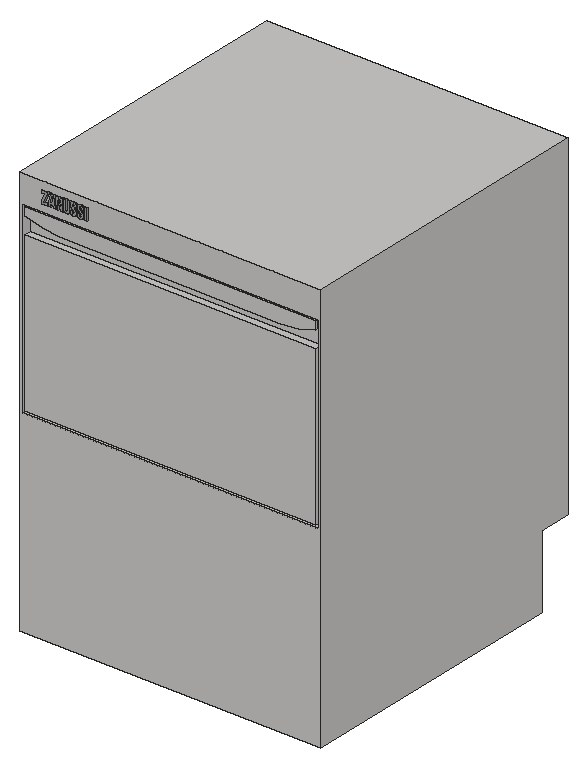
Revit family "QF_ZANUSSI_502730_ZLAI3WP", category Specialty Equipment, Revit 2018
Family settings
  Round Connector Dimension = Use Diameter
  Part Type = Normal
  Work Plane-Based = No
  Always vertical = Yes
  Cut with Voids When Loaded = No
  Shared = No
  Room Calculation Point = No
Parameters (values of type "Standard")
  Weight = 71.00 kg
  Watts = 0 W
  Volts = 400 V
  URL Manufacturer = "http://www.zanussiprofessional.com"
  URL = "http://www.zanussiprofessional.com"
  Steam Supply Size = 0 mm
  Steam Supply Minimum Pressure = 0.0 Pa
  Steam Supply Maximum Pressure = 0.0 Pa
  Steam Pounds per Hour = 0
  Show Logo [instance] = yes
  Show Clearance [instance] = yes
  Refrigeration Suction Line Size = 0 mm
  Refrigeration Liquid Line Size = 0 mm
  Refrigerant Compressor Remote = yes
  Manufacturer = "Zanussi"
  Phase = 3
  Model = "ZLAI3WP"
  Length Actual = 600 mm  # constant formula
  Item Number = "502730"
  Hot Water Size = 19.05 mm
  Height Actual = 820 mm  # constant formula
  HP = "7.2 HP"
  Gas Size = 0 mm
  Gas KW = 0
  Gas Input Pressure = 0 W
  Direct Waste Size = 20.5 mm
  Description = "UNDERCOUNTER(L), ACTIVE, DOUBLE SKIN, 3PH, WS, DP, 720D/H"
  Depth Actual = 615 mm  # constant formula
  Cycle = 50 Hz
  Condensate Return Size = 0 mm
  Compressed Air Volume = 0.0 L/s
  Compressed Air Size = 0 mm
  Compressed Air Pressure = 0.0 Pa
  Cold Water Size = 0 mm
  Accessory = yes
Reference planes
  plane 1 "Center (Front/Back)": y = 0
  plane 2: z = 0
  plane 3 "Center (Left/Right)": x = 0
  plane 4 "LEFT": x = -300
  plane 5 "RIGHT": x = 300
  plane 6 "FRONT": y = -307.5
  plane 7 "BACK": y = 307.5
  plane 8: x = -202.5
  plane 9: x = 202.5
  plane 10: z = 830
  plane 11: z = 10
  plane 12: y = -679.5
Forms (mm)
  Extrusion 1, solid, material "QF_Finishes_Stainless Steel"
    sketch origin (0, 0, 0) x (1, 0, 0) y (0, 1, 0)
      loop
        line (-300, -307.5) -> (300, -307.5) -> (300, 243.5) -> (-300, 243.5) -> (-300, -307.5)
    from 10 to 830
  Extrusion 2, solid, material "QF_Finishes_Stainless Steel"
    sketch origin (0, 0, 0) x (1, 0, 0) y (0, 1, 0)
      loop
        line (-300, 243.5) -> (300, 243.5) -> (300, 307.5) -> (-300, 307.5) -> (-300, 243.5)
    from 157.434 to 830
  Extrusion 3, void
    sketch origin (-300, -307.5, 0) x (-1, 0, 0) y (0, 0, 1)
      loop
        line (-5, 773.217) -> (-595, 773.217) -> (-595, 401.217) -> (-5, 401.217) -> (-5, 773.217)
    from 0 to 30
  Extrusion 4, solid, material "QF_Finishes_Stainless Steel"
    sketch origin (-274, -392, 733) x (0, 0, -1) y (1, 0, 0)
      loop
        circle (693, 143) r 10
    from -635.5 to -699.5
  Extrusion 5, solid, material "QF_Door-Drawer Clearances", visible <- "Show Clearance", detail levels coarse
    sketch origin (-230, -282.5, -30) x (0, 1, 0) y (0, 0, -1)
      loop
        line (-25, -431.217) -> (-397, -431.217)
        arc (-397, -431.217) -> (-288.044, -694.261) -> (-25, -803.217) r 372
        line (-25, -803.217) -> (-25, -431.217)
    from 59.655 to -520
  Extrusion 6, solid, material "QF_Finishes_Stainless Steel"
    sketch origin (-331.481, -392, 703) x (0, 0, -1) y (1, 0, 0)
      loop
        circle (663, 252.481) r 8
    from -635.5 to -699.5
  Extrusion 7, solid, material "QF_Finishes_Stainless Steel"
    sketch origin (-230, -282.5, 0) x (0, 1, 0) y (0, 0, -1)
      loop
        line (-25, -406.25) -> (-25, -720) -> (-10, -720) -> (-10, -770) -> (0, -770) -> (0, -406.25) -> (-25, -406.25)
    from 59.655 to -520
  Extrusion 8, solid, material "QF_Finishes_Stainless Steel"
    sketch origin (-230, -282.5, 0) x (0, 1, 0) y (0, 0, -1)
      loop
        line (-10, -770) -> (-10, -767.514) -> (-22.5, -767.514) -> (-22.5, -741.25) -> (-25, -741.25) -> (-25, -770) -> (-10, -770)
    from 59.655 to -520
  Extrusion 9, void
    sketch origin (-230, -307.5, 770) x (0, 0, 1) y (1, 0, 0)
      loop
        line (-28.75, 10.266) -> (-28.75, -59.655) -> (-15.552, -59.655)
        arc (-15.552, -59.655) -> (-25.346, -25.298) -> (-28.75, 10.266) r 196.283
      loop
        arc (-28.75, 450.08) -> (-25.346, 485.643) -> (-15.552, 520) r 196.283
        line (-15.552, 520) -> (-28.75, 520) -> (-28.75, 450.08)
    from 0 to 2.5
  Extrusion 10, solid, material "QF_Finishes_Stainless Steel"
    sketch origin (-301, 938.5, 792.934) x (0, -1, 0) y (1, 0, 0)
      loop
        circle (663, 158) r 8
    from -635.5 to -645.5
  Extrusion 11, solid, material "QF_Finishes_Stainless Steel"
    sketch origin (0, 17.5, 0) x (1, 0, 0) y (0, 1, 0)
      loop
        circle (-254, -255) r 12.5
      loop
        circle (254, -255) r 12.5
      loop
        circle (-254, 176) r 12.5
      loop
        circle (254, 176) r 12.5
    from 0 to 10
Cuts and joins
  Extrusion 3 cuts Extrusion 1
  joined: Extrusion 1, Extrusion 2
  Extrusion 9 cuts Extrusion 7
  Extrusion 9 cuts Extrusion 8
Lines and regions (mm)
  Split face 1
    outline origin (-280, -307.5, 830) x (0, 0, -1) y (1, 0, 0)
      loop
        line (19.683, 178.044) -> (39.683, 178.044) -> (39.683, 218.044) -> (19.683, 218.044) -> (19.683, 178.044)
  Split face 2
    outline origin (-300, -307.5, 830) x (0, 0, -1) y (1, 0, 0)
      loop
        line (0, 60) -> (8.971, 363.359)
        arc (8.971, 363.359) -> (10.385, 376.81) -> (13.197, 390.04) r 129.217
        line (13.197, 390.04) -> (16.45, 402.178)
        arc (16.45, 402.178) -> (21.39, 439.707) -> (16.45, 477.235) r 145
        line (16.45, 477.235) -> (12.733, 491.107)
        arc (12.733, 491.107) -> (7.775, 516.22) -> (4.504, 541.608) r 383.339
        line (4.504, 541.608) -> (0, 579.217)
      loop
        line (56.783, 109.273) -> (50.394, 371.184)
        arc (50.394, 371.184) -> (48.98, 384.635) -> (46.168, 397.865) r 129.217
        line (46.168, 397.865) -> (42.916, 410.003)
        arc (42.916, 410.003) -> (37.975, 447.532) -> (42.916, 485.06) r 145
        line (42.916, 485.06) -> (46.633, 498.932)
        arc (46.633, 498.932) -> (51.508, 520.123) -> (54.862, 541.608) r 305
        line (54.862, 541.608) -> (56.783, 557.653)
  Split face 3
    outline origin (-300, -307.5, 830) x (0, 0, -1) y (1, 0, 0)
      loop
        line (0.533, 600) -> (7.482, 541.965)
        arc (7.482, 541.965) -> (10.72, 516.79) -> (15.63, 491.887) r 380.339
        line (15.63, 491.887) -> (19.347, 478.015)
        arc (19.347, 478.015) -> (24.39, 439.71) -> (19.347, 401.405) r 148
        line (19.347, 401.405) -> (16.095, 389.267)
        arc (16.095, 389.267) -> (13.348, 376.344) -> (11.967, 363.205) r 126.217
        line (11.967, 363.205) -> (0, 2.678)
      loop
        line (56.783, 582.884) -> (51.883, 541.965)
        arc (51.883, 541.965) -> (48.562, 520.691) -> (43.735, 499.709) r 302
        line (43.735, 499.709) -> (40.018, 485.837)
        arc (40.018, 485.837) -> (34.975, 447.532) -> (40.018, 409.226) r 148
        line (40.018, 409.226) -> (43.27, 397.089)
        arc (43.27, 397.089) -> (46.017, 384.166) -> (47.398, 371.027) r 126.217
        line (47.398, 371.027) -> (56.783, 51.951)
  Split face 4
    outline origin (-300, -307.5, 830) x (0, 0, -1) y (1, 0, 0)
      loop
        line (56.783, 5) -> (56.783, 0)
      loop
        line (56.783, 595) -> (56.783, 600)
  symbolic lines
    curve 1: line (-300, 307.5, 0) -> (300, 307.5, 0)
    curve 2: line (-300, -307.5, 0) -> (-300, 307.5, 0)
    curve 3: line (300, -307.5, 0) -> (-300, -307.5, 0)
    curve 4: line (300, 307.5, 0) -> (300, -307.5, 0)
  symbolic lines, style "QF_Door-Drawer Clearances"
    curve 5: line (-290, -679.5, 0) -> (290, -679.5, 0)
    curve 6: line (290, -679.5, 0) -> (290, -307.5, 0)
    curve 7: line (-290, -679.5, 0) -> (-290, -307.5, 0)
  symbolic lines, style "SpecialityEquipmentHiddenLines"
    curve 8: line (-300, 243.5, 0) -> (300, 243.5, 0)
Dimensions and locks
  equal spacing: plane 4 "LEFT", plane 3 "Center (Left/Right)", plane 5 "RIGHT"
  equal spacing: plane 7 "BACK", plane 1 "Center (Front/Back)", plane 6 "FRONT"
  plane 7 "BACK" to plane 6 "FRONT" = 615 mm
  plane 4 "LEFT" to plane 5 "RIGHT" = 600 mm
  plane 4 "LEFT" to plane 8 = 97.5 mm
  plane 9 to plane 5 "RIGHT" = 97.5 mm
  plane 11 to level = 10 mm
  plane 4 "LEFT" to plane 3 "Center (Left/Right)" = 300 mm
  plane 10 to level = 830 mm  (x2)
  plane 8 to plane 9 = 405 mm
  Extrusion 10 sketch curve to plane 4 "LEFT" = 157 mm
  level to Extrusion 4 sketch curve = 40 mm
  Extrusion 4 sketch curve to plane 4 "LEFT" = 169 mm
  Extrusion 6 sketch curve to plane 4 "LEFT" = 221 mm
  level to Extrusion 6 sketch curve = 40 mm
  plane 9 to plane 8 = 405 mm
  plane 7 "BACK" to curve 5 = 987 mm
  cut or joined group of Extrusion 7, Extrusion 9 to cut or joined group of Extrusion 1, Extrusion 2, Extrusion 3 = 318.783 mm
  plane 10 to plane 11 = 820 mm
  cut or joined group of Extrusion 8, Extrusion 9 to Extrusion 5 = 368.783 mm
  plane 7 "BACK" to plane 12 = 987 mm
  aligned and locked: level to plane 2
  aligned and locked: Extrusion 1 sketch curve to plane 6 "FRONT"
  aligned and locked: Extrusion 1 sketch curve to plane 4 "LEFT"
  aligned and locked: plane 5 "RIGHT" to Extrusion 1 sketch curve
  aligned and locked: Extrusion 1 to plane 11
  aligned and locked: Extrusion 2 sketch curve to Extrusion 1  (x2)
  aligned and locked: plane 7 "BACK" to Extrusion 2 sketch curve
  aligned and locked: plane 5 "RIGHT" to Extrusion 2 sketch curve
  aligned and locked: Extrusion 2 to Extrusion 4
  aligned and locked: Extrusion 2 to Extrusion 6
  aligned and locked: plane 7 "BACK" to Extrusion 6
  aligned and locked: plane 7 "BACK" to Extrusion 4
  aligned and locked: cut or joined group of Extrusion 8, Extrusion 9 to Extrusion 9
  aligned and locked: plane 10 to Extrusion 2
Automatic sketch dimensions
  Extrusion 1 sketch curve to plane 7 "BACK" = 64 mm
  Extrusion 3 sketch curve to Extrusion 1 = 5 mm  (x2)
  Extrusion 3 sketch curve to Extrusion 1 = 428.783 mm
  Extrusion 3 sketch curve to Extrusion 1 = 56.783 mm
  Extrusion 7 sketch curve to plane 6 "FRONT" = 0 mm
  plane 6 "FRONT" to Extrusion 7 sketch curve = 15 mm
  Extrusion 7 sketch curve to Extrusion 7 sketch curve = 25 mm
  Extrusion 7 sketch curve to plane 10 = 60 mm
  Extrusion 7 sketch curve to Extrusion 7 sketch curve = 50 mm
  Extrusion 7 sketch curve to Extrusion 7 sketch curve = 313.75 mm
  Extrusion 8 sketch curve to plane 6 "FRONT" = 0 mm
  Extrusion 8 sketch curve to Extrusion 8 sketch curve = 2.5 mm
  Extrusion 8 sketch curve to Extrusion 8 sketch curve = 12.5 mm
  Extrusion 8 sketch curve to plane 10 = 60 mm
  Extrusion 8 sketch curve to Extrusion 8 sketch curve = 2.486 mm
  Extrusion 8 sketch curve to Extrusion 8 sketch curve = 26.264 mm
  Extrusion 9 sketch curve to Extrusion 8 = 0 mm  (x3)
  Extrusion 8 to Extrusion 9 sketch curve = 0 mm
  Extrusion 9 sketch curve to Extrusion 8 = 13.198 mm  (x2)
  Extrusion 9 sketch curve to Extrusion 8 = 70.763 mm  (x2)
  Extrusion 9 sketch curve to Extrusion 8 = 196.281 mm  (x2)
  Split face 1 sketch curve to cut or joined group of Extrusion 1, Extrusion 2, Extrusion 3 = 19.683 mm
  cut or joined group of Extrusion 1, Extrusion 2, Extrusion 3 to Split face 1 sketch curve = 17.1 mm
  Split face 1 sketch curve to cut or joined group of Extrusion 1, Extrusion 2, Extrusion 3 = 193.044 mm
  Split face 1 sketch curve to Split face 1 sketch curve = 40 mm
  Split face 2 sketch curve to cut or joined group of Extrusion 1, Extrusion 2, Extrusion 3 = 0 mm  (x4)
  cut or joined group of Extrusion 1, Extrusion 2, Extrusion 3 to Split face 2 sketch curve = 78.646 mm
  Split face 2 sketch curve to Split face 2 sketch curve = 44.963 mm  (x2)
  Split face 2 sketch curve to cut or joined group of Extrusion 1, Extrusion 2, Extrusion 3 = 17.128 mm  (x2)
  Split face 2 sketch curve to Split face 2 sketch curve = 124.365 mm
  Split face 2 sketch curve to cut or joined group of Extrusion 1, Extrusion 2, Extrusion 3 = 4.504 mm
  Split face 2 sketch curve to cut or joined group of Extrusion 1, Extrusion 2, Extrusion 3 = 8.971 mm
  Split face 2 sketch curve to cut or joined group of Extrusion 1, Extrusion 2, Extrusion 3 = 12.733 mm
  Split face 2 sketch curve to cut or joined group of Extrusion 1, Extrusion 2, Extrusion 3 = 13.197 mm
  Split face 2 sketch curve to Split face 2 sketch curve = 3.717 mm
  Split face 2 sketch curve to Split face 2 sketch curve = 3.252 mm
  cut or joined group of Extrusion 1, Extrusion 2, Extrusion 3 to Split face 2 sketch curve = 13.867 mm  (x2)
  cut or joined group of Extrusion 1, Extrusion 2, Extrusion 3 to Split face 2 sketch curve = 10.615 mm
  cut or joined group of Extrusion 1, Extrusion 2, Extrusion 3 to Split face 2 sketch curve = 10.15 mm
  cut or joined group of Extrusion 1, Extrusion 2, Extrusion 3 to Split face 2 sketch curve = 6.389 mm
  cut or joined group of Extrusion 1, Extrusion 2, Extrusion 3 to Split face 2 sketch curve = 1.921 mm
  Split face 2 sketch curve to cut or joined group of Extrusion 1, Extrusion 2, Extrusion 3 = 81.229 mm
  Split face 2 sketch curve to cut or joined group of Extrusion 1, Extrusion 2, Extrusion 3 = 42.66 mm
  Split face 2 sketch curve to cut or joined group of Extrusion 1, Extrusion 2, Extrusion 3 = 53.392 mm
  Split face 2 sketch curve to Split face 2 sketch curve = 0 mm
  Split face 2 sketch curve to Split face 2 sketch curve = 13.872 mm  (x2)
  Split face 2 sketch curve to Split face 2 sketch curve = 37.529 mm  (x2)
  Split face 2 sketch curve to Split face 2 sketch curve = 12.138 mm  (x2)
  Split face 2 sketch curve to Split face 2 sketch curve = 26.681 mm  (x2)
  Split face 2 sketch curve to Split face 2 sketch curve = 16.045 mm
  Split face 2 sketch curve to cut or joined group of Extrusion 1, Extrusion 2, Extrusion 3 = 104.273 mm
  Split face 2 sketch curve to cut or joined group of Extrusion 1, Extrusion 2, Extrusion 3 = 55 mm
  Split face 2 sketch curve to cut or joined group of Extrusion 1, Extrusion 2, Extrusion 3 = 15.783 mm
  Split face 3 sketch curve to cut or joined group of Extrusion 1, Extrusion 2, Extrusion 3 = 0 mm  (x4)
  cut or joined group of Extrusion 1, Extrusion 2, Extrusion 3 to Split face 3 sketch curve = 78.646 mm
  Split face 3 sketch curve to Split face 3 sketch curve = 44.963 mm  (x2)
  Split face 3 sketch curve to cut or joined group of Extrusion 1, Extrusion 2, Extrusion 3 = 17.128 mm  (x2)
  Split face 3 sketch curve to Split face 3 sketch curve = 124.365 mm
  Split face 3 sketch curve to cut or joined group of Extrusion 1, Extrusion 2, Extrusion 3 = 7.482 mm
  Split face 3 sketch curve to cut or joined group of Extrusion 1, Extrusion 2, Extrusion 3 = 11.967 mm
  Split face 3 sketch curve to cut or joined group of Extrusion 1, Extrusion 2, Extrusion 3 = 15.63 mm
  Split face 3 sketch curve to cut or joined group of Extrusion 1, Extrusion 2, Extrusion 3 = 16.095 mm
  Split face 3 sketch curve to Split face 3 sketch curve = 3.252 mm  (x2)
  Split face 3 sketch curve to Split face 3 sketch curve = 3.717 mm
  cut or joined group of Extrusion 1, Extrusion 2, Extrusion 3 to Split face 3 sketch curve = 16.765 mm  (x2)
  cut or joined group of Extrusion 1, Extrusion 2, Extrusion 3 to Split face 3 sketch curve = 13.048 mm
  cut or joined group of Extrusion 1, Extrusion 2, Extrusion 3 to Split face 3 sketch curve = 9.385 mm
  cut or joined group of Extrusion 1, Extrusion 2, Extrusion 3 to Split face 3 sketch curve = 4.9 mm
  Split face 3 sketch curve to cut or joined group of Extrusion 1, Extrusion 2, Extrusion 3 = 81.229 mm
  Split face 3 sketch curve to cut or joined group of Extrusion 1, Extrusion 2, Extrusion 3 = 42.66 mm
  Split face 3 sketch curve to cut or joined group of Extrusion 1, Extrusion 2, Extrusion 3 = 53.035 mm
  Split face 3 sketch curve to Split face 3 sketch curve = 0 mm
  Split face 3 sketch curve to Split face 3 sketch curve = 13.872 mm  (x2)
  Split face 3 sketch curve to Split face 3 sketch curve = 38.305 mm  (x2)
  Split face 3 sketch curve to Split face 3 sketch curve = 12.138 mm  (x2)
  Split face 3 sketch curve to Split face 3 sketch curve = 26.062 mm  (x2)
  Split face 3 sketch curve to cut or joined group of Extrusion 1, Extrusion 2, Extrusion 3 = 0.533 mm
  Split face 3 sketch curve to cut or joined group of Extrusion 1, Extrusion 2, Extrusion 3 = 46.951 mm
  cut or joined group of Extrusion 1, Extrusion 2, Extrusion 3 to Split face 3 sketch curve = 2.322 mm
  Split face 3 sketch curve to cut or joined group of Extrusion 1, Extrusion 2, Extrusion 3 = 12.116 mm
  cut or joined group of Extrusion 1, Extrusion 2, Extrusion 3 to Split face 4 sketch curve = 0 mm
  Split face 4 sketch curve to cut or joined group of Extrusion 1, Extrusion 2, Extrusion 3 = 0 mm  (x5)
  plane 4 "LEFT" to Extrusion 11 sketch curve = 46 mm  (x2)
  Extrusion 11 sketch curve to plane 5 "RIGHT" = 46 mm  (x2)
  plane 6 "FRONT" to Extrusion 11 sketch curve = 70 mm  (x2)
  Extrusion 11 sketch curve to plane 7 "BACK" = 114 mm  (x2)
  curve 8 to plane 4 "LEFT" = 0 mm
  curve 7 to plane 6 "FRONT" = 0 mm
  curve 4 to plane 5 "RIGHT" = 0 mm
  curve 2 to plane 7 "BACK" = 0 mm
  plane 4 "LEFT" to curve 7 = 10 mm
  curve 5 to plane 5 "RIGHT" = 10 mm
  curve 8 to plane 7 "BACK" = 64 mm
  Extrusion 5 sketch curve to plane 12 = 0 mm
  Extrusion 5 sketch curve to plane 6 "FRONT" = 0 mm
  plane 11 to Extrusion 5 sketch curve = 391.217 mm
  Extrusion 10 sketch curve to plane 7 "BACK" = 32 mm
  radius of Extrusion 4 sketch curve = 10 mm
  radius of Extrusion 6 sketch curve = 8 mm
  radius of Extrusion 10 sketch curve = 8 mm
  radius of Extrusion 11 sketch curve = 12.5 mm  (x4)
Nested families
  nested 1: "ZAN_Logo_S_Grey" at (-210.606, -307.5, 801.116) x (1, 0, 0) z (0, -1, 0), type "ZAN_Logo_S_Grey"
Connectors
  piping at (-131, 307.5, 40), diameter 20
    settings: on Extrusion 4, index 1, connector inside diameter 609.6 mm, connector length 0 mm, flow factor 0, pipe flow 0.0 L/s, pressure drop 0.0 Pa, fitting loss kfactor 0, connector angle 0.00°, fixture units 0, engagement length 0 mm, angle of deflection 0.00°, flow configuration 1, flow direction 1, fitting loss method 0, system type 16, joint type 0, gender type 0, connector reference index -1, connector utility 0, adjustable connector no, is connector primary yes, connector description "Drain"
  piping at (-79, 307.5, 40), diameter 19.05, driven by "Hot Water Size"
    settings: on Extrusion 6, index 3, connector inside diameter 609.6 mm, connector length 0 mm, flow factor 0, pipe flow 0.0 L/s, pressure drop 0.0 Pa, fitting loss kfactor 0, connector angle 0.00°, fixture units 0, engagement length 0 mm, angle of deflection 0.00°, flow configuration 1, flow direction 1, fitting loss method 0, system type 19, joint type 0, gender type 0, connector reference index -1, connector utility 0, adjustable connector no, is connector primary no, connector description "Hot Water Inlet"
  electrical at (-143, 275.5, 147.434), driven by "Volts"
    settings: on Extrusion 10, index 4, voltage 400 V, apparent load 0 VA, apparent load phase1 0 VA, apparent load phase2 0 VA, apparent load phase3 0 VA, power factor 1, load classification "Altro", number of poles 1, system type 31, power factor state 1, is connector primary yes, connector utility no, sub classification motor no, connector description "Electrical Connection"
Definition of nested family "ZAN_Logo_S_Grey"
  Parameters (values of type "ZAN_Logo_S_Grey")
    Default Elevation = 0 mm
  Reference planes
    plane 1 "Centro (Fronte/Retro)": y = 0
    plane 2: z = 0
    plane 3 "Centro (Sinistra/Destra)": x = 0
  Forms (mm)
    Extrusion 1, solid
      sketch origin (0, 0, 0) x (1, 0, 0) y (0, 1, 0)
        loop
          line (-1219.2, 1219.2) -> (-1219.2, -1219.2) -> (1219.2, -1219.2) -> (1219.2, 1219.2) -> (-1219.2, 1219.2)
      from 0 to -304.8
    Extrusion 2, solid
      sketch origin (17.793, -46.218, 0) x (-1, 0, 0) y (0, -1, 0)
        loop
          spline (-4.176, -58.079) -> (-3.496, -58.328) -> (-2.793, -58.512) -> (-2.075, -58.63) -> (-1.348, -58.682) -> (-0.619, -58.669) -> (0.106, -58.588) -> (0.818, -58.44) -> (1.512, -58.225) -> (2.18, -57.941) -> (2.817, -57.589) -> (3.414, -57.167) -> (3.966, -56.676)
          spline (3.966, -56.676) -> (4.293, -56.162) -> (4.575, -55.61) -> (4.81, -55.026) -> (5, -54.419) -> (5.146, -53.797) -> (5.247, -53.166) -> (5.304, -52.536) -> (5.318, -51.913) -> (5.288, -51.306) -> (5.217, -50.723) -> (5.103, -50.17) -> (4.949, -49.657)
          line (4.949, -49.657) -> (2.702, -46.428) -> (0.316, -44.323)
          spline (0.316, -44.323) -> (0.065, -44.115) -> (-0.195, -43.909) -> (-0.46, -43.704) -> (-0.729, -43.496) -> (-0.997, -43.282) -> (-1.263, -43.059) -> (-1.523, -42.825) -> (-1.774, -42.576) -> (-2.013, -42.309) -> (-2.238, -42.022) -> (-2.445, -41.712) -> (-2.632, -41.375)
          spline (-2.632, -41.375) -> (-2.666, -41.159) -> (-2.697, -40.934) -> (-2.722, -40.701) -> (-2.736, -40.465) -> (-2.736, -40.227) -> (-2.72, -39.989) -> (-2.682, -39.754) -> (-2.621, -39.524) -> (-2.533, -39.302) -> (-2.414, -39.091) -> (-2.261, -38.892) -> (-2.07, -38.708)
          line (-2.07, -38.708) -> (-0.245, -38.567)
          spline (-0.245, -38.567) -> (0.096, -38.8) -> (0.354, -39.074) -> (0.54, -39.381) -> (0.664, -39.716) -> (0.738, -40.073) -> (0.772, -40.445) -> (0.777, -40.825) -> (0.763, -41.208) -> (0.742, -41.588) -> (0.723, -41.957) -> (0.718, -42.309) -> (0.737, -42.638)
          line (0.737, -42.638) -> (5.65, -42.638)
          spline (5.65, -42.638) -> (5.708, -42.042) -> (5.741, -41.448) -> (5.747, -40.857) -> (5.723, -40.273) -> (5.668, -39.696) -> (5.58, -39.129) -> (5.457, -38.574) -> (5.297, -38.032) -> (5.098, -37.506) -> (4.857, -36.997) -> (4.574, -36.508) -> (4.247, -36.041)
          spline (4.247, -36.041) -> (3.844, -35.675) -> (3.409, -35.35) -> (2.946, -35.065) -> (2.458, -34.819) -> (1.949, -34.612) -> (1.421, -34.444) -> (0.88, -34.314) -> (0.326, -34.221) -> (-0.234, -34.165) -> (-0.8, -34.146) -> (-1.366, -34.163) -> (-1.93, -34.216)
          spline (-1.93, -34.216) -> (-2.526, -34.309) -> (-3.116, -34.448) -> (-3.695, -34.633) -> (-4.259, -34.861) -> (-4.801, -35.131) -> (-5.316, -35.444) -> (-5.799, -35.798) -> (-6.245, -36.191) -> (-6.648, -36.624) -> (-7.002, -37.095) -> (-7.303, -37.603) -> (-7.545, -38.146)
          spline (-7.545, -38.146) -> (-7.694, -38.815) -> (-7.792, -39.487) -> (-7.839, -40.158) -> (-7.836, -40.824) -> (-7.785, -41.482) -> (-7.685, -42.129) -> (-7.539, -42.762) -> (-7.347, -43.377) -> (-7.111, -43.97) -> (-6.83, -44.538) -> (-6.506, -45.078) -> (-6.141, -45.586)
          line (-6.141, -45.586) -> (-0.526, -50.64) -> (0.176, -51.482)
          spline (0.176, -51.482) -> (0.248, -51.66) -> (0.323, -51.843) -> (0.397, -52.03) -> (0.467, -52.22) -> (0.529, -52.412) -> (0.579, -52.605) -> (0.615, -52.798) -> (0.633, -52.989) -> (0.63, -53.179) -> (0.601, -53.366) -> (0.545, -53.55) -> (0.456, -53.728)
          spline (0.456, -53.728) -> (0.375, -53.892) -> (0.273, -54.034) -> (0.154, -54.155) -> (0.02, -54.258) -> (-0.126, -54.343) -> (-0.28, -54.412) -> (-0.441, -54.466) -> (-0.604, -54.508) -> (-0.767, -54.537) -> (-0.928, -54.556) -> (-1.082, -54.567) -> (-1.228, -54.57)
          line (-1.228, -54.57) -> (-2.632, -53.587) -> (-2.772, -50.64) -> (-7.405, -50.64)
          spline (-7.405, -50.64) -> (-7.41, -51.031) -> (-7.423, -51.432) -> (-7.44, -51.839) -> (-7.456, -52.251) -> (-7.469, -52.665) -> (-7.475, -53.079) -> (-7.468, -53.489) -> (-7.446, -53.894) -> (-7.404, -54.291) -> (-7.339, -54.679) -> (-7.247, -55.053) -> (-7.123, -55.412)
          spline (-7.123, -55.412) -> (-6.999, -55.693) -> (-6.837, -55.97) -> (-6.643, -56.244) -> (-6.422, -56.509) -> (-6.177, -56.765) -> (-5.913, -57.009) -> (-5.634, -57.238) -> (-5.346, -57.45) -> (-5.051, -57.643) -> (-4.755, -57.814) -> (-4.462, -57.96) -> (-4.176, -58.079)
        loop
          spline (-21.021, -55.552) -> (-20.633, -56.181) -> (-20.177, -56.736) -> (-19.661, -57.217) -> (-19.092, -57.627) -> (-18.478, -57.966) -> (-17.827, -58.237) -> (-17.147, -58.441) -> (-16.446, -58.578) -> (-15.73, -58.652) -> (-15.009, -58.662) -> (-14.29, -58.611) -> (-13.581, -58.5)
          spline (-13.581, -58.5) -> (-13.088, -58.407) -> (-12.595, -58.269) -> (-12.109, -58.088) -> (-11.636, -57.866) -> (-11.183, -57.605) -> (-10.756, -57.307) -> (-10.361, -56.974) -> (-10.004, -56.608) -> (-9.692, -56.211) -> (-9.431, -55.784) -> (-9.228, -55.33) -> (-9.089, -54.851)
          spline (-9.089, -54.851) -> (-8.873, -54.211) -> (-8.715, -53.559) -> (-8.615, -52.901) -> (-8.574, -52.241) -> (-8.592, -51.585) -> (-8.668, -50.938) -> (-8.802, -50.306) -> (-8.995, -49.693) -> (-9.247, -49.106) -> (-9.557, -48.55) -> (-9.925, -48.03) -> (-10.352, -47.551)
          line (-10.352, -47.551) -> (-15.546, -42.919) -> (-16.669, -41.234)
          spline (-16.669, -41.234) -> (-16.704, -41.021) -> (-16.735, -40.804) -> (-16.761, -40.583) -> (-16.778, -40.361) -> (-16.784, -40.139) -> (-16.774, -39.919) -> (-16.748, -39.701) -> (-16.7, -39.488) -> (-16.63, -39.28) -> (-16.533, -39.08) -> (-16.406, -38.889) -> (-16.248, -38.708)
          line (-16.248, -38.708) -> (-14.844, -38.427)
          spline (-14.844, -38.427) -> (-14.347, -38.545) -> (-13.969, -38.749) -> (-13.695, -39.028) -> (-13.508, -39.368) -> (-13.393, -39.757) -> (-13.335, -40.182) -> (-13.318, -40.63) -> (-13.326, -41.089) -> (-13.344, -41.546) -> (-13.356, -41.988) -> (-13.347, -42.403) -> (-13.3, -42.779)
          line (-13.3, -42.779) -> (-8.387, -42.638)
          spline (-8.387, -42.638) -> (-8.326, -42.034) -> (-8.288, -41.417) -> (-8.277, -40.794) -> (-8.299, -40.169) -> (-8.357, -39.548) -> (-8.457, -38.936) -> (-8.604, -38.339) -> (-8.803, -37.762) -> (-9.058, -37.21) -> (-9.375, -36.689) -> (-9.758, -36.204) -> (-10.212, -35.76)
          spline (-10.212, -35.76) -> (-10.793, -35.336) -> (-11.409, -34.976) -> (-12.054, -34.679) -> (-12.723, -34.445) -> (-13.409, -34.273) -> (-14.107, -34.163) -> (-14.811, -34.115) -> (-15.515, -34.127) -> (-16.213, -34.2) -> (-16.899, -34.333) -> (-17.568, -34.526) -> (-18.213, -34.777)
          spline (-18.213, -34.777) -> (-18.496, -34.897) -> (-18.783, -35.044) -> (-19.071, -35.216) -> (-19.357, -35.412) -> (-19.639, -35.629) -> (-19.915, -35.865) -> (-20.182, -36.119) -> (-20.438, -36.389) -> (-20.681, -36.672) -> (-20.907, -36.967) -> (-21.115, -37.272) -> (-21.301, -37.585)
          spline (-21.301, -37.585) -> (-21.55, -38.26) -> (-21.734, -38.948) -> (-21.854, -39.647) -> (-21.91, -40.351) -> (-21.901, -41.057) -> (-21.828, -41.761) -> (-21.69, -42.459) -> (-21.489, -43.148) -> (-21.222, -43.823) -> (-20.892, -44.48) -> (-20.497, -45.116) -> (-20.038, -45.726)
          line (-20.038, -45.726) -> (-14.142, -51.061) -> (-13.44, -52.886) -> (-14.002, -54.289) -> (-15.265, -54.57) -> (-16.669, -53.587) -> (-16.81, -50.78) -> (-21.582, -50.64)
          spline (-21.582, -50.64) -> (-21.558, -51.063) -> (-21.55, -51.491) -> (-21.554, -51.92) -> (-21.561, -52.35) -> (-21.567, -52.778) -> (-21.565, -53.201) -> (-21.547, -53.619) -> (-21.509, -54.029) -> (-21.444, -54.43) -> (-21.345, -54.818) -> (-21.206, -55.193) -> (-21.021, -55.552)
        loop
          line (-22.424, -34.216) -> (-27.337, -34.216) -> (-27.337, -58.22) -> (-22.424, -58.22) -> (-22.424, -34.216)
        loop
          line (14.213, -39.971) -> (14.213, -58.22) -> (19.126, -58.22) -> (19.126, -42.077) -> (18.845, -38.146) -> (18.424, -37.164) -> (17.442, -35.9) -> (16.459, -35.199) -> (14.494, -34.356) -> (13.511, -34.216) -> (11.265, -34.216) -> (10.142, -34.497) -> (8.458, -35.479) -> (6.493, -38.287) -> (6.352, -39.269) -> (6.352, -58.22) -> (11.265, -58.22) -> (11.265, -40.392) -> (11.827, -39.129) -> (13.371, -38.988) -> (14.213, -39.971)
        loop
          line (20.249, -58.22) -> (24.741, -58.22) -> (24.741, -42.919) -> (28.812, -58.22) -> (34.006, -58.22) -> (34.006, -34.216) -> (29.654, -34.216) -> (29.654, -50.078) -> (25.583, -34.216) -> (20.249, -34.216) -> (20.249, -58.22)
        loop
          line (50.149, -58.22) -> (62.361, -58.22) -> (62.361, -53.728) -> (55.904, -53.868) -> (62.923, -39.129) -> (62.923, -34.216) -> (50.149, -34.216) -> (50.149, -39.129) -> (57.517, -39.129) -> (50.149, -54.149) -> (50.149, -58.22)
        loop
          line (38.778, -58.22) -> (45.516, -58.22) -> (49.868, -34.216) -> (44.814, -34.216) -> (44.113, -38.848) -> (40.042, -38.848) -> (39.34, -34.216) -> (34.286, -34.216) -> (38.778, -58.22)
        loop
          line (43.551, -43.2) -> (40.744, -43.2) -> (42.147, -54.117) -> (43.551, -43.2)
      from 0 to 1.644
  Dimensions and locks
    aligned and locked: plane 2 to Extrusion 1
    aligned and locked: level to Extrusion 1
